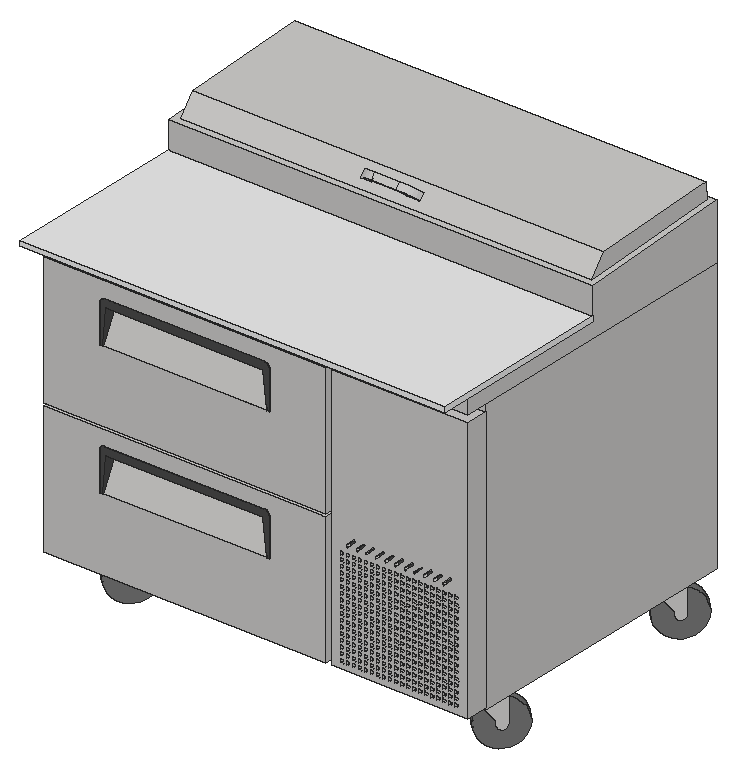
Revit family "QF_Turbo Air_TPR-44SD-D2", category Specialty Equipment, Revit 2012
Parameters
  Weight in Pounds = 321
  Watermarked By = "http://revitwatermark.com"
  Volts = 115 V
  URL Cutsheet = ""
  URL = "www.turboairinc.com"
  Status [instance] = ""
  Specification by User [instance] = ""
  Specification by Manufacturer [instance] = ""
  Serial Number [instance] = ""
  Revision Code [instance] = ""
  Phase = 1
  Number of Poles [instance] = 1
  NAFEM Spec ID Number [instance] = ""
  Model = "TPR-44SD-D2"
  Masterspec [instance] = ""
  Manufacturer = "Turbo Air"  # constant formula
  Legs [instance] = [6 inch Legs]  # no
  Item Number [instance] = "-"
  Installed By [instance] = ""
  HP = "1/4"
  Furnished By [instance] = ""
  Foodservice Equipment Identifier = yes
  FL Amps = 6.3 A
  Electrical Remarks [instance] = ""
  Electric Connection Type [instance] = ""
  Elec Conn RI Height [instance] = 0' - 0"
  Elec Conn Connection Height = 1' - 0"
  Description = "Pizza Prep Table"
  Cycle = 60 Hz
  Conn Plug = "NEMA 5-15P"
  Casters [instance] = not(Legs)  # yes
  CasterLeg Height [instance] = if([5 inch Casters], 0' 5 7/8", if([2_5 inch Casters], 0' 3 3/8", 0' 6"))  # 0' - 5 7/8"
  CSI MasterFormat = "11 41 13"
  Assembly Code = "E1090320"
  Apparent Power = if(Phase = 3, Volts * FL Amps * 1.73, Volts * FL Amps)  # 724.5 VA
  6 inch Legs [instance] = no
  5 inch Casters [instance] = yes
  2_5 inch Casters [instance] = no
Reference planes (in)
  plane 1 "BACK": y = 0
  plane 2: z = 0
  plane 3 "LEFT": x = -20.78844
  plane 4 "RIGHT": x = 23.21156
  plane 5 "Front of Door": y = -32.25
  plane 6 "FRONT": y = -35.25
  plane 7 "Front of Pans": y = -16
  plane 8 "Left of Compressor": x = 9.08656
  plane 9 "Right of Door": x = 8.52406
  plane 10 "Bottom": z = 5.875
  plane 11 "TOP": z = 41.875
  plane 12 "Door Clearance": z = 53.25
  plane 13 "Work Top": z = 35.875
  plane 14: z = 34.3125
  plane 15 "Top of Door": z = 33.5625
  plane 16 "Bottom of Door": z = 6.125
  plane 17 "Back Stops": y = 1
  plane 18 "Front of Box": y = -29.875
  plane 19 "Lid Left": x = -20.10094
  plane 20 "Lid Right": x = 22.52406
  plane 21 "Handle Center LR": x = 1.21156
  plane 22 "Handle Elevation": z = 40.14331
  plane 23 "Handle Center FB": y = -14.47887
  plane 24 "Drawer Clearance": y = -57.375
Forms (in)
  Extrusion 1, solid, material "QF_Finishes_Stainless Steel"
    sketch origin (-20.78844, 0, 0) x (0, 1, 0) y (0, 0, 1)
      loop
        line (0, 34.3125) -> (-29.875, 34.3125) -> (-29.875, 5.875) -> (0, 5.875) -> (0, 34.3125)
    from 0 to 44
  Extrusion 2, solid, material "QF_Finishes_Stainless Steel"
    sketch origin (-20.78844, 0, 0) x (0, 1, 0) y (0, 0, 1)
      loop
        line (0, 34.3125) -> (0, 40.1875) -> (-16, 39.1875) -> (-16, 35.875) -> (-32.25, 35.875) -> (-32.25, 34.3125) -> (0, 34.3125)
    from 0 to 44
  Extrusion 3, solid, material "QF_Finishes_Stainless Steel"
    sketch origin (-20.10094, 0, 0) x (0, 1, 0) y (0, 0, 1)
      loop
        line (-0.43665, 40.16021) -> (-0.54382, 41.875) -> (-13.67506, 41.0543) -> (-15.28268, 39.23233) -> (-0.43665, 40.16021)
    from 0 to 42.625
  Extrusion 4, solid, material "QF_Finishes_Stainless Steel"
    sketch origin (0, 15.62211, 13.58363) x (1, 0, 0) y (0, -0.749838, 0.661622)
      loop
        line (3.21156, 40.14331) -> (4.21156, 40.14331)
        arc (4.21156, 40.14331) -> (3.53685, 41.04872) -> (2.46156, 41.39331) r 1.85
        line (2.46156, 41.39331) -> (-0.03844, 41.39331)
        arc (-0.03844, 41.39331) -> (-1.11373, 41.04872) -> (-1.78844, 40.14331) r 1.85
        line (-1.78844, 40.14331) -> (-0.78844, 40.14331) -> (-0.78844, 40.64331)
        arc (-0.78844, 40.64331) -> (-0.64199, 40.99687) -> (-0.28844, 41.14331) r 0.5
        line (-0.28844, 41.14331) -> (2.71156, 41.14331)
        arc (2.71156, 41.14331) -> (3.06511, 40.99687) -> (3.21156, 40.64331) r 0.5
        line (3.21156, 40.64331) -> (3.21156, 40.14331)
    from -0.375 to 0.375
  Extrusion 5, solid, material "QF_Finishes_Black"
    sketch origin (0, -29.875, 0) x (1, 0, 0) y (0, 0, 1)
      loop
        line (-19.78844, 32.5625) -> (-19.78844, 7.125) -> (7.52406, 7.125) -> (7.52406, 32.5625) -> (-19.78844, 32.5625)
    from 0 to 0.5625
  Extrusion 6, solid, material "QF_Finishes_Stainless Steel"
    sketch origin (0, -29.875, 0) x (1, 0, 0) y (0, 0, 1)
      loop
        line (9.08656, 33.5625) -> (9.08656, 6.125) -> (23.21156, 6.125) -> (23.21156, 33.5625) -> (9.08656, 33.5625)
      loop
        line (16.64906, 7.125) -> (16.27406, 7.125) -> (16.27406, 6.75) -> (16.64906, 6.75) -> (16.64906, 7.125)
      loop
        line (17.27406, 7.125) -> (16.89906, 7.125) -> (16.89906, 6.75) -> (17.27406, 6.75) -> (17.27406, 7.125)
      loop
        line (17.89906, 7.125) -> (17.52406, 7.125) -> (17.52406, 6.75) -> (17.89906, 6.75) -> (17.89906, 7.125)
      loop
        line (18.52406, 7.125) -> (18.14906, 7.125) -> (18.14906, 6.75) -> (18.52406, 6.75) -> (18.52406, 7.125)
      loop
        line (19.14906, 7.125) -> (18.77406, 7.125) -> (18.77406, 6.75) -> (19.14906, 6.75) -> (19.14906, 7.125)
      loop
        line (19.77406, 7.125) -> (19.39906, 7.125) -> (19.39906, 6.75) -> (19.77406, 6.75) -> (19.77406, 7.125)
      loop
        line (20.39906, 7.125) -> (20.02406, 7.125) -> (20.02406, 6.75) -> (20.39906, 6.75) -> (20.39906, 7.125)
      loop
        line (21.02406, 7.125) -> (20.64906, 7.125) -> (20.64906, 6.75) -> (21.02406, 6.75) -> (21.02406, 7.125)
      loop
        line (21.64906, 7.125) -> (21.27406, 7.125) -> (21.27406, 6.75) -> (21.64906, 6.75) -> (21.64906, 7.125)
      loop
        line (22.27406, 6.75) -> (22.27406, 7.125) -> (21.89906, 7.125) -> (21.89906, 6.75) -> (22.27406, 6.75)
      loop
        line (15.64906, 7.125) -> (15.64906, 6.75) -> (16.02406, 6.75) -> (16.02406, 7.125) -> (15.64906, 7.125)
      loop
        line (15.02406, 7.125) -> (15.02406, 6.75) -> (15.39906, 6.75) -> (15.39906, 7.125) -> (15.02406, 7.125)
      loop
        line (14.39906, 7.125) -> (14.39906, 6.75) -> (14.77406, 6.75) -> (14.77406, 7.125) -> (14.39906, 7.125)
      loop
        line (13.77406, 7.125) -> (13.77406, 6.75) -> (14.14906, 6.75) -> (14.14906, 7.125) -> (13.77406, 7.125)
      loop
        line (13.14906, 7.125) -> (13.14906, 6.75) -> (13.52406, 6.75) -> (13.52406, 7.125) -> (13.14906, 7.125)
      loop
        line (12.52406, 7.125) -> (12.52406, 6.75) -> (12.89906, 6.75) -> (12.89906, 7.125) -> (12.52406, 7.125)
      loop
        line (11.89906, 7.125) -> (11.89906, 6.75) -> (12.27406, 6.75) -> (12.27406, 7.125) -> (11.89906, 7.125)
      loop
        line (11.27406, 7.125) -> (11.27406, 6.75) -> (11.64906, 6.75) -> (11.64906, 7.125) -> (11.27406, 7.125)
      loop
        line (10.64906, 7.125) -> (10.64906, 6.75) -> (11.02406, 6.75) -> (11.02406, 7.125) -> (10.64906, 7.125)
      loop
        line (10.02406, 6.75) -> (10.39906, 6.75) -> (10.39906, 7.125) -> (10.02406, 7.125) -> (10.02406, 6.75)
      loop
        line (16.64906, 7.75) -> (16.27406, 7.75) -> (16.27406, 7.375) -> (16.64906, 7.375) -> (16.64906, 7.75)
      loop
        line (17.27406, 7.75) -> (16.89906, 7.75) -> (16.89906, 7.375) -> (17.27406, 7.375) -> (17.27406, 7.75)
      loop
        line (17.89906, 7.75) -> (17.52406, 7.75) -> (17.52406, 7.375) -> (17.89906, 7.375) -> (17.89906, 7.75)
      loop
        line (18.52406, 7.75) -> (18.14906, 7.75) -> (18.14906, 7.375) -> (18.52406, 7.375) -> (18.52406, 7.75)
      loop
        line (19.14906, 7.75) -> (18.77406, 7.75) -> (18.77406, 7.375) -> (19.14906, 7.375) -> (19.14906, 7.75)
      loop
        line (19.77406, 7.75) -> (19.39906, 7.75) -> (19.39906, 7.375) -> (19.77406, 7.375) -> (19.77406, 7.75)
      loop
        line (20.39906, 7.75) -> (20.02406, 7.75) -> (20.02406, 7.375) -> (20.39906, 7.375) -> (20.39906, 7.75)
      loop
        line (21.02406, 7.75) -> (20.64906, 7.75) -> (20.64906, 7.375) -> (21.02406, 7.375) -> (21.02406, 7.75)
      loop
        line (21.64906, 7.75) -> (21.27406, 7.75) -> (21.27406, 7.375) -> (21.64906, 7.375) -> (21.64906, 7.75)
      loop
        line (22.27406, 7.375) -> (22.27406, 7.75) -> (21.89906, 7.75) -> (21.89906, 7.375) -> (22.27406, 7.375)
      loop
        line (15.64906, 7.75) -> (15.64906, 7.375) -> (16.02406, 7.375) -> (16.02406, 7.75) -> (15.64906, 7.75)
      loop
        line (15.02406, 7.75) -> (15.02406, 7.375) -> (15.39906, 7.375) -> (15.39906, 7.75) -> (15.02406, 7.75)
      loop
        line (14.39906, 7.75) -> (14.39906, 7.375) -> (14.77406, 7.375) -> (14.77406, 7.75) -> (14.39906, 7.75)
      loop
        line (13.77406, 7.75) -> (13.77406, 7.375) -> (14.14906, 7.375) -> (14.14906, 7.75) -> (13.77406, 7.75)
      loop
        line (13.14906, 7.75) -> (13.14906, 7.375) -> (13.52406, 7.375) -> (13.52406, 7.75) -> (13.14906, 7.75)
      loop
        line (12.52406, 7.75) -> (12.52406, 7.375) -> (12.89906, 7.375) -> (12.89906, 7.75) -> (12.52406, 7.75)
      loop
        line (11.89906, 7.75) -> (11.89906, 7.375) -> (12.27406, 7.375) -> (12.27406, 7.75) -> (11.89906, 7.75)
      loop
        line (11.27406, 7.75) -> (11.27406, 7.375) -> (11.64906, 7.375) -> (11.64906, 7.75) -> (11.27406, 7.75)
      loop
        line (10.64906, 7.75) -> (10.64906, 7.375) -> (11.02406, 7.375) -> (11.02406, 7.75) -> (10.64906, 7.75)
      loop
        line (10.02406, 7.375) -> (10.39906, 7.375) -> (10.39906, 7.75) -> (10.02406, 7.75) -> (10.02406, 7.375)
      loop
        line (16.64906, 8.375) -> (16.27406, 8.375) -> (16.27406, 8) -> (16.64906, 8) -> (16.64906, 8.375)
      loop
        line (17.27406, 8.375) -> (16.89906, 8.375) -> (16.89906, 8) -> (17.27406, 8) -> (17.27406, 8.375)
      loop
        line (17.89906, 8.375) -> (17.52406, 8.375) -> (17.52406, 8) -> (17.89906, 8) -> (17.89906, 8.375)
      loop
        line (18.52406, 8.375) -> (18.14906, 8.375) -> (18.14906, 8) -> (18.52406, 8) -> (18.52406, 8.375)
      loop
        line (19.14906, 8.375) -> (18.77406, 8.375) -> (18.77406, 8) -> (19.14906, 8) -> (19.14906, 8.375)
      loop
        line (19.77406, 8.375) -> (19.39906, 8.375) -> (19.39906, 8) -> (19.77406, 8) -> (19.77406, 8.375)
      loop
        line (20.39906, 8.375) -> (20.02406, 8.375) -> (20.02406, 8) -> (20.39906, 8) -> (20.39906, 8.375)
      loop
        line (21.02406, 8.375) -> (20.64906, 8.375) -> (20.64906, 8) -> (21.02406, 8) -> (21.02406, 8.375)
      loop
        line (21.64906, 8.375) -> (21.27406, 8.375) -> (21.27406, 8) -> (21.64906, 8) -> (21.64906, 8.375)
      loop
        line (22.27406, 8) -> (22.27406, 8.375) -> (21.89906, 8.375) -> (21.89906, 8) -> (22.27406, 8)
      loop
        line (15.64906, 8.375) -> (15.64906, 8) -> (16.02406, 8) -> (16.02406, 8.375) -> (15.64906, 8.375)
      loop
        line (15.02406, 8.375) -> (15.02406, 8) -> (15.39906, 8) -> (15.39906, 8.375) -> (15.02406, 8.375)
      loop
        line (14.39906, 8.375) -> (14.39906, 8) -> (14.77406, 8) -> (14.77406, 8.375) -> (14.39906, 8.375)
      loop
        line (13.77406, 8.375) -> (13.77406, 8) -> (14.14906, 8) -> (14.14906, 8.375) -> (13.77406, 8.375)
      loop
        line (13.14906, 8.375) -> (13.14906, 8) -> (13.52406, 8) -> (13.52406, 8.375) -> (13.14906, 8.375)
      loop
        line (12.52406, 8.375) -> (12.52406, 8) -> (12.89906, 8) -> (12.89906, 8.375) -> (12.52406, 8.375)
      loop
        line (11.89906, 8.375) -> (11.89906, 8) -> (12.27406, 8) -> (12.27406, 8.375) -> (11.89906, 8.375)
      loop
        line (11.27406, 8.375) -> (11.27406, 8) -> (11.64906, 8) -> (11.64906, 8.375) -> (11.27406, 8.375)
      loop
        line (10.64906, 8.375) -> (10.64906, 8) -> (11.02406, 8) -> (11.02406, 8.375) -> (10.64906, 8.375)
      loop
        line (10.02406, 8) -> (10.39906, 8) -> (10.39906, 8.375) -> (10.02406, 8.375) -> (10.02406, 8)
      loop
        line (16.64906, 9) -> (16.27406, 9) -> (16.27406, 8.625) -> (16.64906, 8.625) -> (16.64906, 9)
      loop
        line (17.27406, 9) -> (16.89906, 9) -> (16.89906, 8.625) -> (17.27406, 8.625) -> (17.27406, 9)
      loop
        line (17.89906, 9) -> (17.52406, 9) -> (17.52406, 8.625) -> (17.89906, 8.625) -> (17.89906, 9)
      loop
        line (18.52406, 9) -> (18.14906, 9) -> (18.14906, 8.625) -> (18.52406, 8.625) -> (18.52406, 9)
      loop
        line (19.14906, 9) -> (18.77406, 9) -> (18.77406, 8.625) -> (19.14906, 8.625) -> (19.14906, 9)
      loop
        line (19.77406, 9) -> (19.39906, 9) -> (19.39906, 8.625) -> (19.77406, 8.625) -> (19.77406, 9)
      loop
        line (20.39906, 9) -> (20.02406, 9) -> (20.02406, 8.625) -> (20.39906, 8.625) -> (20.39906, 9)
      loop
        line (21.02406, 9) -> (20.64906, 9) -> (20.64906, 8.625) -> (21.02406, 8.625) -> (21.02406, 9)
      loop
        line (21.64906, 9) -> (21.27406, 9) -> (21.27406, 8.625) -> (21.64906, 8.625) -> (21.64906, 9)
      loop
        line (22.27406, 8.625) -> (22.27406, 9) -> (21.89906, 9) -> (21.89906, 8.625) -> (22.27406, 8.625)
      loop
        line (15.64906, 9) -> (15.64906, 8.625) -> (16.02406, 8.625) -> (16.02406, 9) -> (15.64906, 9)
      loop
        line (15.02406, 9) -> (15.02406, 8.625) -> (15.39906, 8.625) -> (15.39906, 9) -> (15.02406, 9)
      loop
        line (14.39906, 9) -> (14.39906, 8.625) -> (14.77406, 8.625) -> (14.77406, 9) -> (14.39906, 9)
      loop
        line (13.77406, 9) -> (13.77406, 8.625) -> (14.14906, 8.625) -> (14.14906, 9) -> (13.77406, 9)
      loop
        line (13.14906, 9) -> (13.14906, 8.625) -> (13.52406, 8.625) -> (13.52406, 9) -> (13.14906, 9)
      loop
        line (12.52406, 9) -> (12.52406, 8.625) -> (12.89906, 8.625) -> (12.89906, 9) -> (12.52406, 9)
      loop
        line (11.89906, 9) -> (11.89906, 8.625) -> (12.27406, 8.625) -> (12.27406, 9) -> (11.89906, 9)
      loop
        line (11.27406, 9) -> (11.27406, 8.625) -> (11.64906, 8.625) -> (11.64906, 9) -> (11.27406, 9)
      loop
        line (10.64906, 9) -> (10.64906, 8.625) -> (11.02406, 8.625) -> (11.02406, 9) -> (10.64906, 9)
      loop
        line (10.02406, 8.625) -> (10.39906, 8.625) -> (10.39906, 9) -> (10.02406, 9) -> (10.02406, 8.625)
      loop
        line (16.64906, 9.625) -> (16.27406, 9.625) -> (16.27406, 9.25) -> (16.64906, 9.25) -> (16.64906, 9.625)
      loop
        line (17.27406, 9.625) -> (16.89906, 9.625) -> (16.89906, 9.25) -> (17.27406, 9.25) -> (17.27406, 9.625)
      loop
        line (17.89906, 9.625) -> (17.52406, 9.625) -> (17.52406, 9.25) -> (17.89906, 9.25) -> (17.89906, 9.625)
      loop
        line (18.52406, 9.625) -> (18.14906, 9.625) -> (18.14906, 9.25) -> (18.52406, 9.25) -> (18.52406, 9.625)
      loop
        line (19.14906, 9.625) -> (18.77406, 9.625) -> (18.77406, 9.25) -> (19.14906, 9.25) -> (19.14906, 9.625)
      loop
        line (19.77406, 9.625) -> (19.39906, 9.625) -> (19.39906, 9.25) -> (19.77406, 9.25) -> (19.77406, 9.625)
      loop
        line (20.39906, 9.625) -> (20.02406, 9.625) -> (20.02406, 9.25) -> (20.39906, 9.25) -> (20.39906, 9.625)
      loop
        line (21.02406, 9.625) -> (20.64906, 9.625) -> (20.64906, 9.25) -> (21.02406, 9.25) -> (21.02406, 9.625)
      loop
        line (21.64906, 9.625) -> (21.27406, 9.625) -> (21.27406, 9.25) -> (21.64906, 9.25) -> (21.64906, 9.625)
      loop
        line (22.27406, 9.25) -> (22.27406, 9.625) -> (21.89906, 9.625) -> (21.89906, 9.25) -> (22.27406, 9.25)
      loop
        line (15.64906, 9.625) -> (15.64906, 9.25) -> (16.02406, 9.25) -> (16.02406, 9.625) -> (15.64906, 9.625)
      loop
        line (15.02406, 9.625) -> (15.02406, 9.25) -> (15.39906, 9.25) -> (15.39906, 9.625) -> (15.02406, 9.625)
      loop
        line (14.39906, 9.625) -> (14.39906, 9.25) -> (14.77406, 9.25) -> (14.77406, 9.625) -> (14.39906, 9.625)
      loop
        line (13.77406, 9.625) -> (13.77406, 9.25) -> (14.14906, 9.25) -> (14.14906, 9.625) -> (13.77406, 9.625)
      loop
        line (13.14906, 9.625) -> (13.14906, 9.25) -> (13.52406, 9.25) -> (13.52406, 9.625) -> (13.14906, 9.625)
      loop
        line (12.52406, 9.625) -> (12.52406, 9.25) -> (12.89906, 9.25) -> (12.89906, 9.625) -> (12.52406, 9.625)
      loop
        line (11.89906, 9.625) -> (11.89906, 9.25) -> (12.27406, 9.25) -> (12.27406, 9.625) -> (11.89906, 9.625)
      loop
        line (11.27406, 9.625) -> (11.27406, 9.25) -> (11.64906, 9.25) -> (11.64906, 9.625) -> (11.27406, 9.625)
      loop
        line (10.64906, 9.625) -> (10.64906, 9.25) -> (11.02406, 9.25) -> (11.02406, 9.625) -> (10.64906, 9.625)
      loop
        line (10.02406, 9.25) -> (10.39906, 9.25) -> (10.39906, 9.625) -> (10.02406, 9.625) -> (10.02406, 9.25)
      loop
        line (16.64906, 10.25) -> (16.27406, 10.25) -> (16.27406, 9.875) -> (16.64906, 9.875) -> (16.64906, 10.25)
      loop
        line (17.27406, 10.25) -> (16.89906, 10.25) -> (16.89906, 9.875) -> (17.27406, 9.875) -> (17.27406, 10.25)
      loop
        line (17.89906, 10.25) -> (17.52406, 10.25) -> (17.52406, 9.875) -> (17.89906, 9.875) -> (17.89906, 10.25)
      loop
        line (18.52406, 10.25) -> (18.14906, 10.25) -> (18.14906, 9.875) -> (18.52406, 9.875) -> (18.52406, 10.25)
      loop
        line (19.14906, 10.25) -> (18.77406, 10.25) -> (18.77406, 9.875) -> (19.14906, 9.875) -> (19.14906, 10.25)
      loop
        line (19.77406, 10.25) -> (19.39906, 10.25) -> (19.39906, 9.875) -> (19.77406, 9.875) -> (19.77406, 10.25)
      loop
        line (20.39906, 10.25) -> (20.02406, 10.25) -> (20.02406, 9.875) -> (20.39906, 9.875) -> (20.39906, 10.25)
      loop
        line (21.02406, 10.25) -> (20.64906, 10.25) -> (20.64906, 9.875) -> (21.02406, 9.875) -> (21.02406, 10.25)
      loop
        line (21.64906, 10.25) -> (21.27406, 10.25) -> (21.27406, 9.875) -> (21.64906, 9.875) -> (21.64906, 10.25)
      loop
        line (22.27406, 9.875) -> (22.27406, 10.25) -> (21.89906, 10.25) -> (21.89906, 9.875) -> (22.27406, 9.875)
      loop
        line (15.64906, 10.25) -> (15.64906, 9.875) -> (16.02406, 9.875) -> (16.02406, 10.25) -> (15.64906, 10.25)
      loop
        line (15.02406, 10.25) -> (15.02406, 9.875) -> (15.39906, 9.875) -> (15.39906, 10.25) -> (15.02406, 10.25)
      loop
        line (14.39906, 10.25) -> (14.39906, 9.875) -> (14.77406, 9.875) -> (14.77406, 10.25) -> (14.39906, 10.25)
      loop
        line (13.77406, 10.25) -> (13.77406, 9.875) -> (14.14906, 9.875) -> (14.14906, 10.25) -> (13.77406, 10.25)
      loop
        line (13.14906, 10.25) -> (13.14906, 9.875) -> (13.52406, 9.875) -> (13.52406, 10.25) -> (13.14906, 10.25)
      loop
        line (12.52406, 10.25) -> (12.52406, 9.875) -> (12.89906, 9.875) -> (12.89906, 10.25) -> (12.52406, 10.25)
      loop
        line (11.89906, 10.25) -> (11.89906, 9.875) -> (12.27406, 9.875) -> (12.27406, 10.25) -> (11.89906, 10.25)
      loop
        line (11.27406, 10.25) -> (11.27406, 9.875) -> (11.64906, 9.875) -> (11.64906, 10.25) -> (11.27406, 10.25)
      loop
        line (10.64906, 10.25) -> (10.64906, 9.875) -> (11.02406, 9.875) -> (11.02406, 10.25) -> (10.64906, 10.25)
      loop
        line (10.02406, 9.875) -> (10.39906, 9.875) -> (10.39906, 10.25) -> (10.02406, 10.25) -> (10.02406, 9.875)
      loop
        line (16.64906, 10.875) -> (16.27406, 10.875) -> (16.27406, 10.5) -> (16.64906, 10.5) -> (16.64906, 10.875)
      loop
        line (17.27406, 10.875) -> (16.89906, 10.875) -> (16.89906, 10.5) -> (17.27406, 10.5) -> (17.27406, 10.875)
      loop
        line (17.89906, 10.875) -> (17.52406, 10.875) -> (17.52406, 10.5) -> (17.89906, 10.5) -> (17.89906, 10.875)
      loop
        line (18.52406, 10.875) -> (18.14906, 10.875) -> (18.14906, 10.5) -> (18.52406, 10.5) -> (18.52406, 10.875)
      loop
        line (19.14906, 10.875) -> (18.77406, 10.875) -> (18.77406, 10.5) -> (19.14906, 10.5) -> (19.14906, 10.875)
      loop
        line (19.77406, 10.875) -> (19.39906, 10.875) -> (19.39906, 10.5) -> (19.77406, 10.5) -> (19.77406, 10.875)
      loop
        line (20.39906, 10.875) -> (20.02406, 10.875) -> (20.02406, 10.5) -> (20.39906, 10.5) -> (20.39906, 10.875)
      loop
        line (21.02406, 10.875) -> (20.64906, 10.875) -> (20.64906, 10.5) -> (21.02406, 10.5) -> (21.02406, 10.875)
      loop
        line (21.64906, 10.875) -> (21.27406, 10.875) -> (21.27406, 10.5) -> (21.64906, 10.5) -> (21.64906, 10.875)
      loop
        line (22.27406, 10.5) -> (22.27406, 10.875) -> (21.89906, 10.875) -> (21.89906, 10.5) -> (22.27406, 10.5)
      loop
        line (15.64906, 10.875) -> (15.64906, 10.5) -> (16.02406, 10.5) -> (16.02406, 10.875) -> (15.64906, 10.875)
      loop
        line (15.02406, 10.875) -> (15.02406, 10.5) -> (15.39906, 10.5) -> (15.39906, 10.875) -> (15.02406, 10.875)
      loop
        line (14.39906, 10.875) -> (14.39906, 10.5) -> (14.77406, 10.5) -> (14.77406, 10.875) -> (14.39906, 10.875)
      loop
        line (13.77406, 10.875) -> (13.77406, 10.5) -> (14.14906, 10.5) -> (14.14906, 10.875) -> (13.77406, 10.875)
      loop
        line (13.14906, 10.875) -> (13.14906, 10.5) -> (13.52406, 10.5) -> (13.52406, 10.875) -> (13.14906, 10.875)
      loop
        line (12.52406, 10.875) -> (12.52406, 10.5) -> (12.89906, 10.5) -> (12.89906, 10.875) -> (12.52406, 10.875)
      loop
        line (11.89906, 10.875) -> (11.89906, 10.5) -> (12.27406, 10.5) -> (12.27406, 10.875) -> (11.89906, 10.875)
      loop
        line (11.27406, 10.875) -> (11.27406, 10.5) -> (11.64906, 10.5) -> (11.64906, 10.875) -> (11.27406, 10.875)
      loop
        line (10.64906, 10.875) -> (10.64906, 10.5) -> (11.02406, 10.5) -> (11.02406, 10.875) -> (10.64906, 10.875)
      loop
        line (10.02406, 10.5) -> (10.39906, 10.5) -> (10.39906, 10.875) -> (10.02406, 10.875) -> (10.02406, 10.5)
      loop
        line (16.64906, 11.5) -> (16.27406, 11.5) -> (16.27406, 11.125) -> (16.64906, 11.125) -> (16.64906, 11.5)
      loop
        line (17.27406, 11.5) -> (16.89906, 11.5) -> (16.89906, 11.125) -> (17.27406, 11.125) -> (17.27406, 11.5)
      loop
        line (17.89906, 11.5) -> (17.52406, 11.5) -> (17.52406, 11.125) -> (17.89906, 11.125) -> (17.89906, 11.5)
      loop
        line (18.52406, 11.5) -> (18.14906, 11.5) -> (18.14906, 11.125) -> (18.52406, 11.125) -> (18.52406, 11.5)
      loop
        line (19.14906, 11.5) -> (18.77406, 11.5) -> (18.77406, 11.125) -> (19.14906, 11.125) -> (19.14906, 11.5)
      loop
        line (19.77406, 11.5) -> (19.39906, 11.5) -> (19.39906, 11.125) -> (19.77406, 11.125) -> (19.77406, 11.5)
      loop
        line (20.39906, 11.5) -> (20.02406, 11.5) -> (20.02406, 11.125) -> (20.39906, 11.125) -> (20.39906, 11.5)
      loop
        line (21.02406, 11.5) -> (20.64906, 11.5) -> (20.64906, 11.125) -> (21.02406, 11.125) -> (21.02406, 11.5)
      loop
        line (21.64906, 11.5) -> (21.27406, 11.5) -> (21.27406, 11.125) -> (21.64906, 11.125) -> (21.64906, 11.5)
      loop
        line (22.27406, 11.125) -> (22.27406, 11.5) -> (21.89906, 11.5) -> (21.89906, 11.125) -> (22.27406, 11.125)
      loop
        line (15.64906, 11.5) -> (15.64906, 11.125) -> (16.02406, 11.125) -> (16.02406, 11.5) -> (15.64906, 11.5)
      loop
        line (15.02406, 11.5) -> (15.02406, 11.125) -> (15.39906, 11.125) -> (15.39906, 11.5) -> (15.02406, 11.5)
      loop
        line (14.39906, 11.5) -> (14.39906, 11.125) -> (14.77406, 11.125) -> (14.77406, 11.5) -> (14.39906, 11.5)
      loop
        line (13.77406, 11.5) -> (13.77406, 11.125) -> (14.14906, 11.125) -> (14.14906, 11.5) -> (13.77406, 11.5)
      loop
        line (13.14906, 11.5) -> (13.14906, 11.125) -> (13.52406, 11.125) -> (13.52406, 11.5) -> (13.14906, 11.5)
      loop
        line (12.52406, 11.5) -> (12.52406, 11.125) -> (12.89906, 11.125) -> (12.89906, 11.5) -> (12.52406, 11.5)
      loop
        line (11.89906, 11.5) -> (11.89906, 11.125) -> (12.27406, 11.125) -> (12.27406, 11.5) -> (11.89906, 11.5)
      loop
        line (11.27406, 11.5) -> (11.27406, 11.125) -> (11.64906, 11.125) -> (11.64906, 11.5) -> (11.27406, 11.5)
      loop
        line (10.64906, 11.5) -> (10.64906, 11.125) -> (11.02406, 11.125) -> (11.02406, 11.5) -> (10.64906, 11.5)
      loop
        line (10.02406, 11.125) -> (10.39906, 11.125) -> (10.39906, 11.5) -> (10.02406, 11.5) -> (10.02406, 11.125)
      loop
        line (16.64906, 12.125) -> (16.27406, 12.125) -> (16.27406, 11.75) -> (16.64906, 11.75) -> (16.64906, 12.125)
      loop
        line (17.27406, 12.125) -> (16.89906, 12.125) -> (16.89906, 11.75) -> (17.27406, 11.75) -> (17.27406, 12.125)
      loop
        line (17.89906, 12.125) -> (17.52406, 12.125) -> (17.52406, 11.75) -> (17.89906, 11.75) -> (17.89906, 12.125)
      loop
        line (18.52406, 12.125) -> (18.14906, 12.125) -> (18.14906, 11.75) -> (18.52406, 11.75) -> (18.52406, 12.125)
      loop
        line (19.14906, 12.125) -> (18.77406, 12.125) -> (18.77406, 11.75) -> (19.14906, 11.75) -> (19.14906, 12.125)
      loop
        line (19.77406, 12.125) -> (19.39906, 12.125) -> (19.39906, 11.75) -> (19.77406, 11.75) -> (19.77406, 12.125)
      loop
        line (20.39906, 12.125) -> (20.02406, 12.125) -> (20.02406, 11.75) -> (20.39906, 11.75) -> (20.39906, 12.125)
      loop
        line (21.02406, 12.125) -> (20.64906, 12.125) -> (20.64906, 11.75) -> (21.02406, 11.75) -> (21.02406, 12.125)
      loop
        line (21.64906, 12.125) -> (21.27406, 12.125) -> (21.27406, 11.75) -> (21.64906, 11.75) -> (21.64906, 12.125)
      loop
        line (22.27406, 11.75) -> (22.27406, 12.125) -> (21.89906, 12.125) -> (21.89906, 11.75) -> (22.27406, 11.75)
      loop
        line (15.64906, 12.125) -> (15.64906, 11.75) -> (16.02406, 11.75) -> (16.02406, 12.125) -> (15.64906, 12.125)
      loop
        line (15.02406, 12.125) -> (15.02406, 11.75) -> (15.39906, 11.75) -> (15.39906, 12.125) -> (15.02406, 12.125)
      loop
        line (14.39906, 12.125) -> (14.39906, 11.75) -> (14.77406, 11.75) -> (14.77406, 12.125) -> (14.39906, 12.125)
      loop
        line (13.77406, 12.125) -> (13.77406, 11.75) -> (14.14906, 11.75) -> (14.14906, 12.125) -> (13.77406, 12.125)
      loop
        line (13.14906, 12.125) -> (13.14906, 11.75) -> (13.52406, 11.75) -> (13.52406, 12.125) -> (13.14906, 12.125)
      loop
        line (12.52406, 12.125) -> (12.52406, 11.75) -> (12.89906, 11.75) -> (12.89906, 12.125) -> (12.52406, 12.125)
      loop
        line (11.89906, 12.125) -> (11.89906, 11.75) -> (12.27406, 11.75) -> (12.27406, 12.125) -> (11.89906, 12.125)
      loop
        line (11.27406, 12.125) -> (11.27406, 11.75) -> (11.64906, 11.75) -> (11.64906, 12.125) -> (11.27406, 12.125)
      loop
        line (10.64906, 12.125) -> (10.64906, 11.75) -> (11.02406, 11.75) -> (11.02406, 12.125) -> (10.64906, 12.125)
      loop
        line (10.02406, 11.75) -> (10.39906, 11.75) -> (10.39906, 12.125) -> (10.02406, 12.125) -> (10.02406, 11.75)
      loop
        line (16.64906, 12.75) -> (16.27406, 12.75) -> (16.27406, 12.375) -> (16.64906, 12.375) -> (16.64906, 12.75)
      loop
        line (17.27406, 12.75) -> (16.89906, 12.75) -> (16.89906, 12.375) -> (17.27406, 12.375) -> (17.27406, 12.75)
      loop
        line (17.89906, 12.75) -> (17.52406, 12.75) -> (17.52406, 12.375) -> (17.89906, 12.375) -> (17.89906, 12.75)
      loop
        line (18.52406, 12.75) -> (18.14906, 12.75) -> (18.14906, 12.375) -> (18.52406, 12.375) -> (18.52406, 12.75)
      loop
        line (19.14906, 12.75) -> (18.77406, 12.75) -> (18.77406, 12.375) -> (19.14906, 12.375) -> (19.14906, 12.75)
      loop
        line (19.77406, 12.75) -> (19.39906, 12.75) -> (19.39906, 12.375) -> (19.77406, 12.375) -> (19.77406, 12.75)
      loop
        line (20.39906, 12.75) -> (20.02406, 12.75) -> (20.02406, 12.375) -> (20.39906, 12.375) -> (20.39906, 12.75)
      loop
        line (21.02406, 12.75) -> (20.64906, 12.75) -> (20.64906, 12.375) -> (21.02406, 12.375) -> (21.02406, 12.75)
      loop
        line (21.64906, 12.75) -> (21.27406, 12.75) -> (21.27406, 12.375) -> (21.64906, 12.375) -> (21.64906, 12.75)
      loop
        line (22.27406, 12.375) -> (22.27406, 12.75) -> (21.89906, 12.75) -> (21.89906, 12.375) -> (22.27406, 12.375)
      loop
        line (15.64906, 12.75) -> (15.64906, 12.375) -> (16.02406, 12.375) -> (16.02406, 12.75) -> (15.64906, 12.75)
      loop
        line (15.02406, 12.75) -> (15.02406, 12.375) -> (15.39906, 12.375) -> (15.39906, 12.75) -> (15.02406, 12.75)
      loop
        line (14.39906, 12.75) -> (14.39906, 12.375) -> (14.77406, 12.375) -> (14.77406, 12.75) -> (14.39906, 12.75)
      loop
        line (13.77406, 12.75) -> (13.77406, 12.375) -> (14.14906, 12.375) -> (14.14906, 12.75) -> (13.77406, 12.75)
      loop
        line (13.14906, 12.75) -> (13.14906, 12.375) -> (13.52406, 12.375) -> (13.52406, 12.75) -> (13.14906, 12.75)
      loop
        line (12.52406, 12.75) -> (12.52406, 12.375) -> (12.89906, 12.375) -> (12.89906, 12.75) -> (12.52406, 12.75)
      loop
        line (11.89906, 12.75) -> (11.89906, 12.375) -> (12.27406, 12.375) -> (12.27406, 12.75) -> (11.89906, 12.75)
      loop
        line (11.27406, 12.75) -> (11.27406, 12.375) -> (11.64906, 12.375) -> (11.64906, 12.75) -> (11.27406, 12.75)
      loop
        line (10.64906, 12.75) -> (10.64906, 12.375) -> (11.02406, 12.375) -> (11.02406, 12.75) -> (10.64906, 12.75)
      loop
        line (10.02406, 12.375) -> (10.39906, 12.375) -> (10.39906, 12.75) -> (10.02406, 12.75) -> (10.02406, 12.375)
      loop
        line (16.64906, 13.375) -> (16.27406, 13.375) -> (16.27406, 13) -> (16.64906, 13) -> (16.64906, 13.375)
      loop
        line (17.27406, 13.375) -> (16.89906, 13.375) -> (16.89906, 13) -> (17.27406, 13) -> (17.27406, 13.375)
      loop
        line (17.89906, 13.375) -> (17.52406, 13.375) -> (17.52406, 13) -> (17.89906, 13) -> (17.89906, 13.375)
      loop
        line (18.52406, 13.375) -> (18.14906, 13.375) -> (18.14906, 13) -> (18.52406, 13) -> (18.52406, 13.375)
      loop
        line (19.14906, 13.375) -> (18.77406, 13.375) -> (18.77406, 13) -> (19.14906, 13) -> (19.14906, 13.375)
      loop
        line (19.77406, 13.375) -> (19.39906, 13.375) -> (19.39906, 13) -> (19.77406, 13) -> (19.77406, 13.375)
      loop
        line (20.39906, 13.375) -> (20.02406, 13.375) -> (20.02406, 13) -> (20.39906, 13) -> (20.39906, 13.375)
      loop
        line (21.02406, 13.375) -> (20.64906, 13.375) -> (20.64906, 13) -> (21.02406, 13) -> (21.02406, 13.375)
      loop
        line (21.64906, 13.375) -> (21.27406, 13.375) -> (21.27406, 13) -> (21.64906, 13) -> (21.64906, 13.375)
      loop
        line (22.27406, 13) -> (22.27406, 13.375) -> (21.89906, 13.375) -> (21.89906, 13) -> (22.27406, 13)
      loop
        line (15.64906, 13.375) -> (15.64906, 13) -> (16.02406, 13) -> (16.02406, 13.375) -> (15.64906, 13.375)
      loop
        line (15.02406, 13.375) -> (15.02406, 13) -> (15.39906, 13) -> (15.39906, 13.375) -> (15.02406, 13.375)
      loop
        line (14.39906, 13.375) -> (14.39906, 13) -> (14.77406, 13) -> (14.77406, 13.375) -> (14.39906, 13.375)
      loop
        line (13.77406, 13.375) -> (13.77406, 13) -> (14.14906, 13) -> (14.14906, 13.375) -> (13.77406, 13.375)
      loop
        line (13.14906, 13.375) -> (13.14906, 13) -> (13.52406, 13) -> (13.52406, 13.375) -> (13.14906, 13.375)
      loop
        line (12.52406, 13.375) -> (12.52406, 13) -> (12.89906, 13) -> (12.89906, 13.375) -> (12.52406, 13.375)
      loop
        line (11.89906, 13.375) -> (11.89906, 13) -> (12.27406, 13) -> (12.27406, 13.375) -> (11.89906, 13.375)
      loop
        line (11.27406, 13.375) -> (11.27406, 13) -> (11.64906, 13) -> (11.64906, 13.375) -> (11.27406, 13.375)
      loop
        line (10.64906, 13.375) -> (10.64906, 13) -> (11.02406, 13) -> (11.02406, 13.375) -> (10.64906, 13.375)
      loop
        line (10.02406, 13) -> (10.39906, 13) -> (10.39906, 13.375) -> (10.02406, 13.375) -> (10.02406, 13)
      loop
        line (16.64906, 14) -> (16.27406, 14) -> (16.27406, 13.625) -> (16.64906, 13.625) -> (16.64906, 14)
      loop
        line (17.27406, 14) -> (16.89906, 14) -> (16.89906, 13.625) -> (17.27406, 13.625) -> (17.27406, 14)
      loop
        line (17.89906, 14) -> (17.52406, 14) -> (17.52406, 13.625) -> (17.89906, 13.625) -> (17.89906, 14)
      loop
        line (18.52406, 14) -> (18.14906, 14) -> (18.14906, 13.625) -> (18.52406, 13.625) -> (18.52406, 14)
      loop
        line (19.14906, 14) -> (18.77406, 14) -> (18.77406, 13.625) -> (19.14906, 13.625) -> (19.14906, 14)
      loop
        line (19.77406, 14) -> (19.39906, 14) -> (19.39906, 13.625) -> (19.77406, 13.625) -> (19.77406, 14)
      loop
        line (20.39906, 14) -> (20.02406, 14) -> (20.02406, 13.625) -> (20.39906, 13.625) -> (20.39906, 14)
      loop
        line (21.02406, 14) -> (20.64906, 14) -> (20.64906, 13.625) -> (21.02406, 13.625) -> (21.02406, 14)
      loop
        line (21.64906, 14) -> (21.27406, 14) -> (21.27406, 13.625) -> (21.64906, 13.625) -> (21.64906, 14)
      loop
        line (22.27406, 13.625) -> (22.27406, 14) -> (21.89906, 14) -> (21.89906, 13.625) -> (22.27406, 13.625)
      loop
        line (15.64906, 14) -> (15.64906, 13.625) -> (16.02406, 13.625) -> (16.02406, 14) -> (15.64906, 14)
      loop
        line (15.02406, 14) -> (15.02406, 13.625) -> (15.39906, 13.625) -> (15.39906, 14) -> (15.02406, 14)
      loop
        line (14.39906, 14) -> (14.39906, 13.625) -> (14.77406, 13.625) -> (14.77406, 14) -> (14.39906, 14)
      loop
        line (13.77406, 14) -> (13.77406, 13.625) -> (14.14906, 13.625) -> (14.14906, 14) -> (13.77406, 14)
      loop
        line (13.14906, 14) -> (13.14906, 13.625) -> (13.52406, 13.625) -> (13.52406, 14) -> (13.14906, 14)
      loop
        line (12.52406, 14) -> (12.52406, 13.625) -> (12.89906, 13.625) -> (12.89906, 14) -> (12.52406, 14)
      loop
        line (11.89906, 14) -> (11.89906, 13.625) -> (12.27406, 13.625) -> (12.27406, 14) -> (11.89906, 14)
      loop
        line (11.27406, 14) -> (11.27406, 13.625) -> (11.64906, 13.625) -> (11.64906, 14) -> (11.27406, 14)
      loop
        line (10.64906, 14) -> (10.64906, 13.625) -> (11.02406, 13.625) -> (11.02406, 14) -> (10.64906, 14)
      loop
        line (10.02406, 13.625) -> (10.39906, 13.625) -> (10.39906, 14) -> (10.02406, 14) -> (10.02406, 13.625)
      loop
        line (16.64906, 14.625) -> (16.27406, 14.625) -> (16.27406, 14.25) -> (16.64906, 14.25) -> (16.64906, 14.625)
      loop
        line (17.27406, 14.625) -> (16.89906, 14.625) -> (16.89906, 14.25) -> (17.27406, 14.25) -> (17.27406, 14.625)
      loop
        line (17.89906, 14.625) -> (17.52406, 14.625) -> (17.52406, 14.25) -> (17.89906, 14.25) -> (17.89906, 14.625)
      loop
        line (18.52406, 14.625) -> (18.14906, 14.625) -> (18.14906, 14.25) -> (18.52406, 14.25) -> (18.52406, 14.625)
      loop
        line (19.14906, 14.625) -> (18.77406, 14.625) -> (18.77406, 14.25) -> (19.14906, 14.25) -> (19.14906, 14.625)
      loop
        line (19.77406, 14.625) -> (19.39906, 14.625) -> (19.39906, 14.25) -> (19.77406, 14.25) -> (19.77406, 14.625)
      loop
        line (20.39906, 14.625) -> (20.02406, 14.625) -> (20.02406, 14.25) -> (20.39906, 14.25) -> (20.39906, 14.625)
      loop
        line (21.02406, 14.625) -> (20.64906, 14.625) -> (20.64906, 14.25) -> (21.02406, 14.25) -> (21.02406, 14.625)
      loop
        line (21.64906, 14.625) -> (21.27406, 14.625) -> (21.27406, 14.25) -> (21.64906, 14.25) -> (21.64906, 14.625)
      loop
        line (22.27406, 14.25) -> (22.27406, 14.625) -> (21.89906, 14.625) -> (21.89906, 14.25) -> (22.27406, 14.25)
      loop
        line (15.64906, 14.625) -> (15.64906, 14.25) -> (16.02406, 14.25) -> (16.02406, 14.625) -> (15.64906, 14.625)
      loop
        line (15.02406, 14.625) -> (15.02406, 14.25) -> (15.39906, 14.25) -> (15.39906, 14.625) -> (15.02406, 14.625)
      loop
        line (14.39906, 14.625) -> (14.39906, 14.25) -> (14.77406, 14.25) -> (14.77406, 14.625) -> (14.39906, 14.625)
      loop
        line (13.77406, 14.625) -> (13.77406, 14.25) -> (14.14906, 14.25) -> (14.14906, 14.625) -> (13.77406, 14.625)
      loop
        line (13.14906, 14.625) -> (13.14906, 14.25) -> (13.52406, 14.25) -> (13.52406, 14.625) -> (13.14906, 14.625)
      loop
        line (12.52406, 14.625) -> (12.52406, 14.25) -> (12.89906, 14.25) -> (12.89906, 14.625) -> (12.52406, 14.625)
      loop
        line (11.89906, 14.625) -> (11.89906, 14.25) -> (12.27406, 14.25) -> (12.27406, 14.625) -> (11.89906, 14.625)
      loop
        line (11.27406, 14.625) -> (11.27406, 14.25) -> (11.64906, 14.25) -> (11.64906, 14.625) -> (11.27406, 14.625)
      loop
        line (10.64906, 14.625) -> (10.64906, 14.25) -> (11.02406, 14.25) -> (11.02406, 14.625) -> (10.64906, 14.625)
      loop
        line (10.02406, 14.25) -> (10.39906, 14.25) -> (10.39906, 14.625) -> (10.02406, 14.625) -> (10.02406, 14.25)
      loop
        line (16.64906, 15.25) -> (16.27406, 15.25) -> (16.27406, 14.875) -> (16.64906, 14.875) -> (16.64906, 15.25)
      loop
        line (17.27406, 15.25) -> (16.89906, 15.25) -> (16.89906, 14.875) -> (17.27406, 14.875) -> (17.27406, 15.25)
      loop
        line (17.89906, 15.25) -> (17.52406, 15.25) -> (17.52406, 14.875) -> (17.89906, 14.875) -> (17.89906, 15.25)
      loop
        line (18.52406, 15.25) -> (18.14906, 15.25) -> (18.14906, 14.875) -> (18.52406, 14.875) -> (18.52406, 15.25)
      loop
        line (19.14906, 15.25) -> (18.77406, 15.25) -> (18.77406, 14.875) -> (19.14906, 14.875) -> (19.14906, 15.25)
      loop
        line (19.77406, 15.25) -> (19.39906, 15.25) -> (19.39906, 14.875) -> (19.77406, 14.875) -> (19.77406, 15.25)
      loop
        line (20.39906, 15.25) -> (20.02406, 15.25) -> (20.02406, 14.875) -> (20.39906, 14.875) -> (20.39906, 15.25)
      loop
        line (21.02406, 15.25) -> (20.64906, 15.25) -> (20.64906, 14.875) -> (21.02406, 14.875) -> (21.02406, 15.25)
      loop
        line (21.64906, 15.25) -> (21.27406, 15.25) -> (21.27406, 14.875) -> (21.64906, 14.875) -> (21.64906, 15.25)
      loop
        line (22.27406, 14.875) -> (22.27406, 15.25) -> (21.89906, 15.25) -> (21.89906, 14.875) -> (22.27406, 14.875)
      loop
        line (15.64906, 15.25) -> (15.64906, 14.875) -> (16.02406, 14.875) -> (16.02406, 15.25) -> (15.64906, 15.25)
      loop
        line (15.02406, 15.25) -> (15.02406, 14.875) -> (15.39906, 14.875) -> (15.39906, 15.25) -> (15.02406, 15.25)
      loop
        line (14.39906, 15.25) -> (14.39906, 14.875) -> (14.77406, 14.875) -> (14.77406, 15.25) -> (14.39906, 15.25)
      loop
        line (13.77406, 15.25) -> (13.77406, 14.875) -> (14.14906, 14.875) -> (14.14906, 15.25) -> (13.77406, 15.25)
      loop
        line (13.14906, 15.25) -> (13.14906, 14.875) -> (13.52406, 14.875) -> (13.52406, 15.25) -> (13.14906, 15.25)
      loop
        line (12.52406, 15.25) -> (12.52406, 14.875) -> (12.89906, 14.875) -> (12.89906, 15.25) -> (12.52406, 15.25)
      loop
        line (11.89906, 15.25) -> (11.89906, 14.875) -> (12.27406, 14.875) -> (12.27406, 15.25) -> (11.89906, 15.25)
      loop
        line (11.27406, 15.25) -> (11.27406, 14.875) -> (11.64906, 14.875) -> (11.64906, 15.25) -> (11.27406, 15.25)
      loop
        line (10.64906, 15.25) -> (10.64906, 14.875) -> (11.02406, 14.875) -> (11.02406, 15.25) -> (10.64906, 15.25)
      loop
        line (10.02406, 14.875) -> (10.39906, 14.875) -> (10.39906, 15.25) -> (10.02406, 15.25) -> (10.02406, 14.875)
      loop
        line (16.64906, 15.875) -> (16.27406, 15.875) -> (16.27406, 15.5) -> (16.64906, 15.5) -> (16.64906, 15.875)
      loop
        line (17.27406, 15.875) -> (16.89906, 15.875) -> (16.89906, 15.5) -> (17.27406, 15.5) -> (17.27406, 15.875)
      loop
        line (17.89906, 15.875) -> (17.52406, 15.875) -> (17.52406, 15.5) -> (17.89906, 15.5) -> (17.89906, 15.875)
      loop
        line (18.52406, 15.875) -> (18.14906, 15.875) -> (18.14906, 15.5) -> (18.52406, 15.5) -> (18.52406, 15.875)
      loop
        line (19.14906, 15.875) -> (18.77406, 15.875) -> (18.77406, 15.5) -> (19.14906, 15.5) -> (19.14906, 15.875)
      loop
        line (19.77406, 15.875) -> (19.39906, 15.875) -> (19.39906, 15.5) -> (19.77406, 15.5) -> (19.77406, 15.875)
      loop
        line (20.39906, 15.875) -> (20.02406, 15.875) -> (20.02406, 15.5) -> (20.39906, 15.5) -> (20.39906, 15.875)
      loop
        line (21.02406, 15.875) -> (20.64906, 15.875) -> (20.64906, 15.5) -> (21.02406, 15.5) -> (21.02406, 15.875)
      loop
        line (21.64906, 15.875) -> (21.27406, 15.875) -> (21.27406, 15.5) -> (21.64906, 15.5) -> (21.64906, 15.875)
      loop
        line (22.27406, 15.5) -> (22.27406, 15.875) -> (21.89906, 15.875) -> (21.89906, 15.5) -> (22.27406, 15.5)
      loop
        line (15.64906, 15.875) -> (15.64906, 15.5) -> (16.02406, 15.5) -> (16.02406, 15.875) -> (15.64906, 15.875)
      loop
        line (15.02406, 15.875) -> (15.02406, 15.5) -> (15.39906, 15.5) -> (15.39906, 15.875) -> (15.02406, 15.875)
      loop
        line (14.39906, 15.875) -> (14.39906, 15.5) -> (14.77406, 15.5) -> (14.77406, 15.875) -> (14.39906, 15.875)
      loop
        line (13.77406, 15.875) -> (13.77406, 15.5) -> (14.14906, 15.5) -> (14.14906, 15.875) -> (13.77406, 15.875)
      loop
        line (13.14906, 15.875) -> (13.14906, 15.5) -> (13.52406, 15.5) -> (13.52406, 15.875) -> (13.14906, 15.875)
      loop
        line (12.52406, 15.875) -> (12.52406, 15.5) -> (12.89906, 15.5) -> (12.89906, 15.875) -> (12.52406, 15.875)
      loop
        line (11.89906, 15.875) -> (11.89906, 15.5) -> (12.27406, 15.5) -> (12.27406, 15.875) -> (11.89906, 15.875)
      loop
        line (11.27406, 15.875) -> (11.27406, 15.5) -> (11.64906, 15.5) -> (11.64906, 15.875) -> (11.27406, 15.875)
      loop
        line (10.64906, 15.875) -> (10.64906, 15.5) -> (11.02406, 15.5) -> (11.02406, 15.875) -> (10.64906, 15.875)
      loop
        line (10.02406, 15.5) -> (10.39906, 15.5) -> (10.39906, 15.875) -> (10.02406, 15.875) -> (10.02406, 15.5)
      loop
        line (16.64906, 16.5) -> (16.27406, 16.5) -> (16.27406, 16.125) -> (16.64906, 16.125) -> (16.64906, 16.5)
      loop
        line (17.27406, 16.5) -> (16.89906, 16.5) -> (16.89906, 16.125) -> (17.27406, 16.125) -> (17.27406, 16.5)
      loop
        line (17.89906, 16.5) -> (17.52406, 16.5) -> (17.52406, 16.125) -> (17.89906, 16.125) -> (17.89906, 16.5)
      loop
        line (18.52406, 16.5) -> (18.14906, 16.5) -> (18.14906, 16.125) -> (18.52406, 16.125) -> (18.52406, 16.5)
      loop
        line (19.14906, 16.5) -> (18.77406, 16.5) -> (18.77406, 16.125) -> (19.14906, 16.125) -> (19.14906, 16.5)
      loop
        line (19.77406, 16.5) -> (19.39906, 16.5) -> (19.39906, 16.125) -> (19.77406, 16.125) -> (19.77406, 16.5)
      loop
        line (20.39906, 16.5) -> (20.02406, 16.5) -> (20.02406, 16.125) -> (20.39906, 16.125) -> (20.39906, 16.5)
      loop
        line (21.02406, 16.5) -> (20.64906, 16.5) -> (20.64906, 16.125) -> (21.02406, 16.125) -> (21.02406, 16.5)
      loop
        line (21.64906, 16.5) -> (21.27406, 16.5) -> (21.27406, 16.125) -> (21.64906, 16.125) -> (21.64906, 16.5)
      loop
        line (22.27406, 16.125) -> (22.27406, 16.5) -> (21.89906, 16.5) -> (21.89906, 16.125) -> (22.27406, 16.125)
      loop
        line (15.64906, 16.5) -> (15.64906, 16.125) -> (16.02406, 16.125) -> (16.02406, 16.5) -> (15.64906, 16.5)
      loop
        line (15.02406, 16.5) -> (15.02406, 16.125) -> (15.39906, 16.125) -> (15.39906, 16.5) -> (15.02406, 16.5)
      loop
        line (14.39906, 16.5) -> (14.39906, 16.125) -> (14.77406, 16.125) -> (14.77406, 16.5) -> (14.39906, 16.5)
      loop
        line (13.77406, 16.5) -> (13.77406, 16.125) -> (14.14906, 16.125) -> (14.14906, 16.5) -> (13.77406, 16.5)
      loop
        line (13.14906, 16.5) -> (13.14906, 16.125) -> (13.52406, 16.125) -> (13.52406, 16.5) -> (13.14906, 16.5)
      loop
        line (12.52406, 16.5) -> (12.52406, 16.125) -> (12.89906, 16.125) -> (12.89906, 16.5) -> (12.52406, 16.5)
      loop
        line (11.89906, 16.5) -> (11.89906, 16.125) -> (12.27406, 16.125) -> (12.27406, 16.5) -> (11.89906, 16.5)
      loop
        line (11.27406, 16.5) -> (11.27406, 16.125) -> (11.64906, 16.125) -> (11.64906, 16.5) -> (11.27406, 16.5)
      loop
        line (10.64906, 16.5) -> (10.64906, 16.125) -> (11.02406, 16.125) -> (11.02406, 16.5) -> (10.64906, 16.5)
      loop
        line (10.02406, 16.125) -> (10.39906, 16.125) -> (10.39906, 16.5) -> (10.02406, 16.5) -> (10.02406, 16.125)
      loop
        line (16.64906, 17.125) -> (16.27406, 17.125) -> (16.27406, 16.75) -> (16.64906, 16.75) -> (16.64906, 17.125)
      loop
        line (17.27406, 17.125) -> (16.89906, 17.125) -> (16.89906, 16.75) -> (17.27406, 16.75) -> (17.27406, 17.125)
      loop
        line (17.89906, 17.125) -> (17.52406, 17.125) -> (17.52406, 16.75) -> (17.89906, 16.75) -> (17.89906, 17.125)
      loop
        line (18.52406, 17.125) -> (18.14906, 17.125) -> (18.14906, 16.75) -> (18.52406, 16.75) -> (18.52406, 17.125)
      loop
        line (19.14906, 17.125) -> (18.77406, 17.125) -> (18.77406, 16.75) -> (19.14906, 16.75) -> (19.14906, 17.125)
      loop
        line (19.77406, 17.125) -> (19.39906, 17.125) -> (19.39906, 16.75) -> (19.77406, 16.75) -> (19.77406, 17.125)
      loop
        line (20.39906, 17.125) -> (20.02406, 17.125) -> (20.02406, 16.75) -> (20.39906, 16.75) -> (20.39906, 17.125)
      loop
        line (21.02406, 17.125) -> (20.64906, 17.125) -> (20.64906, 16.75) -> (21.02406, 16.75) -> (21.02406, 17.125)
      loop
        line (21.64906, 17.125) -> (21.27406, 17.125) -> (21.27406, 16.75) -> (21.64906, 16.75) -> (21.64906, 17.125)
      loop
        line (22.27406, 16.75) -> (22.27406, 17.125) -> (21.89906, 17.125) -> (21.89906, 16.75) -> (22.27406, 16.75)
      loop
        line (15.64906, 17.125) -> (15.64906, 16.75) -> (16.02406, 16.75) -> (16.02406, 17.125) -> (15.64906, 17.125)
      loop
        line (15.02406, 17.125) -> (15.02406, 16.75) -> (15.39906, 16.75) -> (15.39906, 17.125) -> (15.02406, 17.125)
      loop
        line (14.39906, 17.125) -> (14.39906, 16.75) -> (14.77406, 16.75) -> (14.77406, 17.125) -> (14.39906, 17.125)
      loop
        line (13.77406, 17.125) -> (13.77406, 16.75) -> (14.14906, 16.75) -> (14.14906, 17.125) -> (13.77406, 17.125)
      loop
        line (13.14906, 17.125) -> (13.14906, 16.75) -> (13.52406, 16.75) -> (13.52406, 17.125) -> (13.14906, 17.125)
      loop
        line (12.52406, 17.125) -> (12.52406, 16.75) -> (12.89906, 16.75) -> (12.89906, 17.125) -> (12.52406, 17.125)
      loop
        line (11.89906, 17.125) -> (11.89906, 16.75) -> (12.27406, 16.75) -> (12.27406, 17.125) -> (11.89906, 17.125)
      loop
        line (11.27406, 17.125) -> (11.27406, 16.75) -> (11.64906, 16.75) -> (11.64906, 17.125) -> (11.27406, 17.125)
      loop
        line (10.64906, 17.125) -> (10.64906, 16.75) -> (11.02406, 16.75) -> (11.02406, 17.125) -> (10.64906, 17.125)
      loop
        line (10.02406, 16.75) -> (10.39906, 16.75) -> (10.39906, 17.125) -> (10.02406, 17.125) -> (10.02406, 16.75)
      loop
        line (16.41422, 18.56694) -> (15.70712, 17.85983)
        arc (15.70712, 17.85983) -> (15.70712, 17.68306) -> (15.88389, 17.68306) r 0.125
        line (15.88389, 17.68306) -> (16.591, 18.39017)
        arc (16.591, 18.39017) -> (16.591, 18.56694) -> (16.41422, 18.56694) r 0.125
      loop
        line (17.41422, 18.56694) -> (16.70712, 17.85983)
        arc (16.70712, 17.85983) -> (16.70712, 17.68306) -> (16.88389, 17.68306) r 0.125
        line (16.88389, 17.68306) -> (17.591, 18.39017)
        arc (17.591, 18.39017) -> (17.591, 18.56694) -> (17.41422, 18.56694) r 0.125
      loop
        line (18.41422, 18.56694) -> (17.70712, 17.85983)
        arc (17.70712, 17.85983) -> (17.70712, 17.68306) -> (17.88389, 17.68306) r 0.125
        line (17.88389, 17.68306) -> (18.591, 18.39017)
        arc (18.591, 18.39017) -> (18.591, 18.56694) -> (18.41422, 18.56694) r 0.125
      loop
        line (19.41422, 18.56694) -> (18.70712, 17.85983)
        arc (18.70712, 17.85983) -> (18.70712, 17.68306) -> (18.88389, 17.68306) r 0.125
        line (18.88389, 17.68306) -> (19.591, 18.39017)
        arc (19.591, 18.39017) -> (19.591, 18.56694) -> (19.41422, 18.56694) r 0.125
      loop
        line (20.41422, 18.56694) -> (19.70712, 17.85983)
        arc (19.70712, 17.85983) -> (19.70712, 17.68306) -> (19.88389, 17.68306) r 0.125
        line (19.88389, 17.68306) -> (20.591, 18.39017)
        arc (20.591, 18.39017) -> (20.591, 18.56694) -> (20.41422, 18.56694) r 0.125
      loop
        line (21.41422, 18.56694) -> (20.70712, 17.85983)
        arc (20.70712, 17.85983) -> (20.70712, 17.68306) -> (20.88389, 17.68306) r 0.125
        line (20.88389, 17.68306) -> (21.591, 18.39017)
        arc (21.591, 18.39017) -> (21.591, 18.56694) -> (21.41422, 18.56694) r 0.125
      loop
        line (11.41422, 18.56694) -> (10.70712, 17.85983)
        arc (10.70712, 17.85983) -> (10.70712, 17.68306) -> (10.88389, 17.68306) r 0.125
        line (10.88389, 17.68306) -> (11.591, 18.39017)
        arc (11.591, 18.39017) -> (11.591, 18.56694) -> (11.41422, 18.56694) r 0.125
      loop
        line (12.41422, 18.56694) -> (11.70712, 17.85983)
        arc (11.70712, 17.85983) -> (11.70712, 17.68306) -> (11.88389, 17.68306) r 0.125
        line (11.88389, 17.68306) -> (12.591, 18.39017)
        arc (12.591, 18.39017) -> (12.591, 18.56694) -> (12.41422, 18.56694) r 0.125
      loop
        line (13.41422, 18.56694) -> (12.70712, 17.85983)
        arc (12.70712, 17.85983) -> (12.70712, 17.68306) -> (12.88389, 17.68306) r 0.125
        line (12.88389, 17.68306) -> (13.591, 18.39017)
        arc (13.591, 18.39017) -> (13.591, 18.56694) -> (13.41422, 18.56694) r 0.125
      loop
        line (14.41422, 18.56694) -> (13.70712, 17.85983)
        arc (13.70712, 17.85983) -> (13.70712, 17.68306) -> (13.88389, 17.68306) r 0.125
        line (13.88389, 17.68306) -> (14.591, 18.39017)
        arc (14.591, 18.39017) -> (14.591, 18.56694) -> (14.41422, 18.56694) r 0.125
      loop
        line (15.41422, 18.56694) -> (14.70712, 17.85983)
        arc (14.70712, 17.85983) -> (14.70712, 17.68306) -> (14.88389, 17.68306) r 0.125
        line (14.88389, 17.68306) -> (15.591, 18.39017)
        arc (15.591, 18.39017) -> (15.591, 18.56694) -> (15.41422, 18.56694) r 0.125
    from 0 to 2.375
  Extrusion 7, solid, material "QF_Finishes_Black"
    sketch origin (0, -29.875, 0) x (1, 0, 0) y (0, 0, 1)
      loop
        line (22.71156, 6.625) -> (22.71156, 19.125) -> (9.58656, 19.125) -> (9.58656, 6.625) -> (22.71156, 6.625)
    from 0 to 2
  Extrusion 8, solid, material "QF_Finishes_White"
    sketch origin (-20.78844, 0, 0) x (0, 1, 0) y (0, 0, 1)
      loop
        line (-16, 35.875) -> (-16, 36.375) -> (-35.25, 36.375) -> (-35.25, 35.875) -> (-16, 35.875)
    from 0 to 44
  Extrusion 9, solid, material "QF_Finishes_Black"
    sketch origin (0, 0, 0) x (1, 0, 0) y (0, 0, 1)
      loop
        circle (-14.66344, 29.5) r 0.625
      loop
        circle (17.08656, 29.5) r 0.625
    from 0 to -1
  Extrusion 10, solid, material "QF_Finishes_Stainless Steel"
    sketch origin (0, 0, 0) x (1, 0, 0) y (0, 0, 1)
      loop
        circle (16.14906, 12) r 0.25
    from 0 to -0.0625
  Extrusion 11, solid, material "QF_Finishes_Clearances", detail levels coarse
    sketch origin (-20.10094, -33.88002, 17.92119) x (0, 0.544639, -0.838671) y (0, 0.838671, 0.544639)
      loop
        line (-0.43665, 40.16021) -> (-0.54382, 41.875) -> (-13.67506, 41.0543) -> (-15.28268, 39.23233)
        arc (-15.28268, 39.23233) -> (-13.05561, 32.25161) -> (-7.74419, 27.20392) r 14.75
        line (-7.74419, 27.20392) -> (-8.39665, 29.54449) -> (-1.93316, 41.00427) -> (-0.43665, 40.16021)
    from 0 to 42.625
  Extrusion 12, solid, material "QF_Finishes_Clearances", detail levels coarse
    sketch origin (0, -13.97942, 12.21756) x (1, 0, 0) y (0, 0.146492, 0.989212)
      loop
        line (3.21156, 40.14331) -> (4.21156, 40.14331)
        arc (4.21156, 40.14331) -> (3.53685, 41.04872) -> (2.46156, 41.39331) r 1.85
        line (2.46156, 41.39331) -> (-0.03844, 41.39331)
        arc (-0.03844, 41.39331) -> (-1.11373, 41.04872) -> (-1.78844, 40.14331) r 1.85
        line (-1.78844, 40.14331) -> (-0.78844, 40.14331) -> (-0.78844, 40.64331)
        arc (-0.78844, 40.64331) -> (-0.64199, 40.99687) -> (-0.28844, 41.14331) r 0.5
        line (-0.28844, 41.14331) -> (2.71156, 41.14331)
        arc (2.71156, 41.14331) -> (3.06511, 40.99687) -> (3.21156, 40.64331) r 0.5
        line (3.21156, 40.64331) -> (3.21156, 40.14331)
    from -0.375 to 0.375
Lines and regions (in)
  symbolic lines
    curve 1: line (-20.78844, 0, 0) -> (23.21156, 0, 0)
    curve 2: line (-20.78844, -35.25, 0) -> (-20.78844, 0, 0)
    curve 3: line (23.21156, -35.25, 0) -> (-20.78844, -35.25, 0)
    curve 4: line (23.21156, 0, 0) -> (23.21156, -35.25, 0)
    curve 5: line (-20.78844, -16, 0) -> (23.21156, -16, 0)
    curve 6: line (-20.10094, -0.43665, 0) -> (22.52406, -0.43665, 0)
    curve 7: line (-20.10094, -0.43665, 0) -> (-20.10094, -15.28268, 0)
    curve 8: line (22.52406, -15.28268, 0) -> (3.73591, -15.28268, 0)
    curve 9: line (22.52406, -15.28268, 0) -> (22.52406, -0.43665, 0)
    curve 10: line (2.46156, -15.66428, 0) -> (-0.03844, -15.66428, 0)
    curve 11: line (-0.03844, -15.16806, 0) -> (2.46156, -15.16806, 0)
    curve 12: spline (-0.03844, -15.66428, 0) -> (-0.22934, -15.65687, 0) -> (-0.41821, -15.63473, 0) -> (-0.60302, -15.5981, 0) -> (-0.7818, -15.54736, 0) -> (-0.95265, -15.48306, 0) -> (-1.11373, -15.40589, 0) -> (-1.26333, -15.31666, 0) -> (-1.39986, -15.21633, 0) -> (-1.52185, -15.10598, 0) -> (-1.628, -14.98677, 0) -> (-1.71718, -14.85999, 0) -> (-1.78844, -14.72698, 0)
    curve 13: spline (-1.78844, -14.23076, 0) -> (-1.71718, -14.36377, 0) -> (-1.628, -14.49055, 0) -> (-1.52185, -14.60976, 0) -> (-1.39986, -14.72012, 0) -> (-1.26333, -14.82044, 0) -> (-1.11373, -14.90967, 0) -> (-0.95265, -14.98685, 0) -> (-0.7818, -15.05115, 0) -> (-0.60302, -15.10189, 0) -> (-0.41821, -15.13852, 0) -> (-0.22934, -15.16066, 0) -> (-0.03844, -15.16806, 0)
    curve 14: line (-0.78844, -14.23076, 0) -> (-1.78844, -14.23076, 0)
    curve 15: line (-1.78844, -14.23076, 0) -> (-1.78844, -14.72698, 0)
    curve 16: line (-0.78844, -14.60568, 0) -> (-0.78844, -14.23076, 0)
    curve 17: line (2.71156, -14.9806, 0) -> (-0.28844, -14.9806, 0)
    curve 18: spline (-0.28844, -14.9806, 0) -> (-0.3537, -14.97739, 0) -> (-0.41785, -14.96783, 0) -> (-0.47978, -14.95206, 0) -> (-0.53844, -14.93037, 0) -> (-0.59282, -14.90313, 0) -> (-0.64199, -14.87079, 0) -> (-0.68512, -14.83392, 0) -> (-0.72145, -14.79314, 0) -> (-0.75038, -14.74916, 0) -> (-0.7714, -14.70272, 0) -> (-0.78416, -14.65462, 0) -> (-0.78844, -14.60568, 0)
    curve 19: line (4.21156, -14.23076, 0) -> (3.21156, -14.23076, 0)
    curve 20: line (4.21156, -14.72698, 0) -> (4.21156, -14.23076, 0)
    curve 21: line (3.21156, -14.23076, 0) -> (3.21156, -14.60568, 0)
